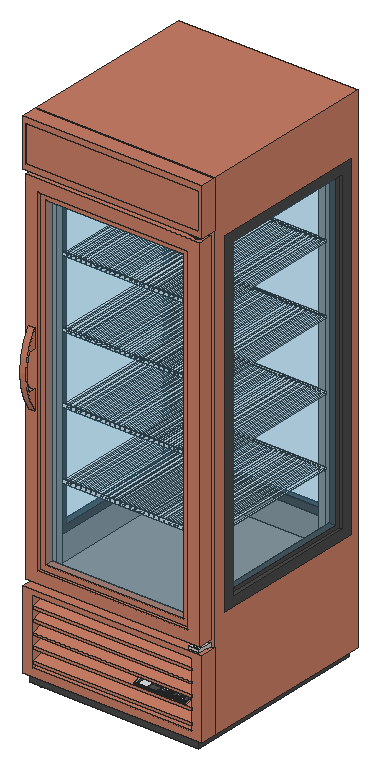
Revit family "QF_TRUE_G4SM-23-HC~TSL01", category Specialty Equipment, Revit 2016 (continued)
Definition of nested family "G4SM-23-HC-TSL01"
  Forms (in)
    Extrusion 36, solid
      sketch origin (26.1875, -18.56567, 48.20177) x (1, 0, 0) y (0, 0, -1)
        loop
          circle (-10.18288, 0.375) r 0.125
        loop
          circle (-9.43288, 0.375) r 0.125
        loop
          circle (-8.68288, 0.375) r 0.125
        loop
          circle (-7.93288, 0.375) r 0.125
        loop
          circle (-7.18288, 0.375) r 0.125
        loop
          circle (-6.43288, 0.375) r 0.125
        loop
          circle (-5.68288, 0.375) r 0.125
        loop
          circle (-4.93288, 0.375) r 0.125
        loop
          circle (-4.18288, 0.375) r 0.125
        loop
          circle (-3.43288, 0.375) r 0.125
        loop
          circle (-2.68288, 0.375) r 0.125
        loop
          circle (-1.93288, 0.375) r 0.125
        loop
          circle (-23.75, 0.375) r 0.125
        loop
          circle (-1.13424, 0.375) r 0.125
      from 0 to 21.9751
    Extrusion 37, solid
      sketch origin (26.1875, -18.69067, 58.67157) x (-1, 0, 0) y (0, 0, -1)
        loop
          line (23.875, 0.5) -> (1.00924, 0.5) -> (1.00924, 0) -> (23.875, 0) -> (23.875, 0.5)
        loop
          line (12.71602, 0.14812) -> (12.71602, 0.35188) -> (12.15898, 0.35188) -> (12.15898, 0.14812) -> (12.71602, 0.14812)
        loop
          line (13.46602, 0.14812) -> (13.46602, 0.35188) -> (12.90898, 0.35188) -> (12.90898, 0.14812) -> (13.46602, 0.14812)
        loop
          line (14.21602, 0.14812) -> (14.21602, 0.35188) -> (13.65898, 0.35188) -> (13.65898, 0.14812) -> (14.21602, 0.14812)
        loop
          line (14.96602, 0.14812) -> (14.96602, 0.35188) -> (14.40898, 0.35188) -> (14.40898, 0.14812) -> (14.96602, 0.14812)
        loop
          line (15.71602, 0.14812) -> (15.71602, 0.35188) -> (15.15898, 0.35188) -> (15.15898, 0.14812) -> (15.71602, 0.14812)
        loop
          line (16.46602, 0.14812) -> (16.46602, 0.35188) -> (15.90898, 0.35188) -> (15.90898, 0.14812) -> (16.46602, 0.14812)
        loop
          line (17.21602, 0.14812) -> (17.21602, 0.35188) -> (16.65898, 0.35188) -> (16.65898, 0.14812) -> (17.21602, 0.14812)
        loop
          line (17.96602, 0.14812) -> (17.96602, 0.35188) -> (17.40898, 0.35188) -> (17.40898, 0.14812) -> (17.96602, 0.14812)
        loop
          line (18.71602, 0.14812) -> (18.71602, 0.35188) -> (18.15898, 0.35188) -> (18.15898, 0.14812) -> (18.71602, 0.14812)
        loop
          line (19.46602, 0.14812) -> (19.46602, 0.35188) -> (18.90898, 0.35188) -> (18.90898, 0.14812) -> (19.46602, 0.14812)
        loop
          line (20.21602, 0.14812) -> (20.21602, 0.35188) -> (19.65898, 0.35188) -> (19.65898, 0.14812) -> (20.21602, 0.14812)
        loop
          line (20.96602, 0.14812) -> (20.96602, 0.35188) -> (20.40898, 0.35188) -> (20.40898, 0.14812) -> (20.96602, 0.14812)
        loop
          line (21.71602, 0.14812) -> (21.71602, 0.35188) -> (21.15898, 0.35188) -> (21.15898, 0.14812) -> (21.71602, 0.14812)
        loop
          line (22.46602, 0.14812) -> (22.46602, 0.35188) -> (21.90898, 0.35188) -> (21.90898, 0.14812) -> (22.46602, 0.14812)
        loop
          line (23.21602, 0.14812) -> (23.21602, 0.35188) -> (22.65898, 0.35188) -> (22.65898, 0.14812) -> (23.21602, 0.14812)
        loop
          line (11.40898, 0.14812) -> (11.96602, 0.14812) -> (11.96602, 0.35188) -> (11.40898, 0.35188) -> (11.40898, 0.14812)
        loop
          line (10.65898, 0.14812) -> (11.21602, 0.14812) -> (11.21602, 0.35188) -> (10.65898, 0.35188) -> (10.65898, 0.14812)
        loop
          line (9.90898, 0.14812) -> (10.46602, 0.14812) -> (10.46602, 0.35188) -> (9.90898, 0.35188) -> (9.90898, 0.14812)
        loop
          line (9.15898, 0.14812) -> (9.71602, 0.14812) -> (9.71602, 0.35188) -> (9.15898, 0.35188) -> (9.15898, 0.14812)
        loop
          line (8.40898, 0.14812) -> (8.96602, 0.14812) -> (8.96602, 0.35188) -> (8.40898, 0.35188) -> (8.40898, 0.14812)
        loop
          line (7.65898, 0.14812) -> (8.21602, 0.14812) -> (8.21602, 0.35188) -> (7.65898, 0.35188) -> (7.65898, 0.14812)
        loop
          line (6.90898, 0.14812) -> (7.46602, 0.14812) -> (7.46602, 0.35188) -> (6.90898, 0.35188) -> (6.90898, 0.14812)
        loop
          line (6.15898, 0.14812) -> (6.71602, 0.14812) -> (6.71602, 0.35188) -> (6.15898, 0.35188) -> (6.15898, 0.14812)
        loop
          line (5.40898, 0.14812) -> (5.96602, 0.14812) -> (5.96602, 0.35188) -> (5.40898, 0.35188) -> (5.40898, 0.14812)
        loop
          line (4.65898, 0.14812) -> (5.21602, 0.14812) -> (5.21602, 0.35188) -> (4.65898, 0.35188) -> (4.65898, 0.14812)
        loop
          line (3.90898, 0.14812) -> (4.46602, 0.14812) -> (4.46602, 0.35188) -> (3.90898, 0.35188) -> (3.90898, 0.14812)
        loop
          line (3.15898, 0.14812) -> (3.71602, 0.14812) -> (3.71602, 0.35188) -> (3.15898, 0.35188) -> (3.15898, 0.14812)
        loop
          line (2.40898, 0.14812) -> (2.96602, 0.14812) -> (2.96602, 0.35188) -> (2.40898, 0.35188) -> (2.40898, 0.14812)
        loop
          line (1.65898, 0.14812) -> (2.21602, 0.14812) -> (2.21602, 0.35188) -> (1.65898, 0.35188) -> (1.65898, 0.14812)
      from 0 to -0.125
    Extrusion 38, solid
      sketch origin (26.1875, 3.53443, 58.67157) x (-1, 0, 0) y (0, 0, 1)
        loop
          line (23.875, -0.5) -> (23.875, 0) -> (1.00924, 0) -> (1.00924, -0.5) -> (23.875, -0.5)
        loop
          line (12.71602, -0.14812) -> (12.15898, -0.14812) -> (12.15898, -0.35188) -> (12.71602, -0.35188) -> (12.71602, -0.14812)
        loop
          line (13.46602, -0.14812) -> (12.90898, -0.14812) -> (12.90898, -0.35188) -> (13.46602, -0.35188) -> (13.46602, -0.14812)
        loop
          line (14.21602, -0.14812) -> (13.65898, -0.14812) -> (13.65898, -0.35188) -> (14.21602, -0.35188) -> (14.21602, -0.14812)
        loop
          line (14.96602, -0.14812) -> (14.40898, -0.14812) -> (14.40898, -0.35188) -> (14.96602, -0.35188) -> (14.96602, -0.14812)
        loop
          line (15.71602, -0.14812) -> (15.15898, -0.14812) -> (15.15898, -0.35188) -> (15.71602, -0.35188) -> (15.71602, -0.14812)
        loop
          line (16.46602, -0.14812) -> (15.90898, -0.14812) -> (15.90898, -0.35188) -> (16.46602, -0.35188) -> (16.46602, -0.14812)
        loop
          line (17.21602, -0.14812) -> (16.65898, -0.14812) -> (16.65898, -0.35188) -> (17.21602, -0.35188) -> (17.21602, -0.14812)
        loop
          line (17.96602, -0.14812) -> (17.40898, -0.14812) -> (17.40898, -0.35188) -> (17.96602, -0.35188) -> (17.96602, -0.14812)
        loop
          line (18.71602, -0.14812) -> (18.15898, -0.14812) -> (18.15898, -0.35188) -> (18.71602, -0.35188) -> (18.71602, -0.14812)
        loop
          line (19.46602, -0.14812) -> (18.90898, -0.14812) -> (18.90898, -0.35188) -> (19.46602, -0.35188) -> (19.46602, -0.14812)
        loop
          line (20.21602, -0.14812) -> (19.65898, -0.14812) -> (19.65898, -0.35188) -> (20.21602, -0.35188) -> (20.21602, -0.14812)
        loop
          line (20.96602, -0.14812) -> (20.40898, -0.14812) -> (20.40898, -0.35188) -> (20.96602, -0.35188) -> (20.96602, -0.14812)
        loop
          line (21.71602, -0.14812) -> (21.15898, -0.14812) -> (21.15898, -0.35188) -> (21.71602, -0.35188) -> (21.71602, -0.14812)
        loop
          line (22.46602, -0.14812) -> (21.90898, -0.14812) -> (21.90898, -0.35188) -> (22.46602, -0.35188) -> (22.46602, -0.14812)
        loop
          line (23.21602, -0.14812) -> (22.65898, -0.14812) -> (22.65898, -0.35188) -> (23.21602, -0.35188) -> (23.21602, -0.14812)
        loop
          line (11.40898, -0.14812) -> (11.40898, -0.35188) -> (11.96602, -0.35188) -> (11.96602, -0.14812) -> (11.40898, -0.14812)
        loop
          line (10.65898, -0.14812) -> (10.65898, -0.35188) -> (11.21602, -0.35188) -> (11.21602, -0.14812) -> (10.65898, -0.14812)
        loop
          line (9.90898, -0.14812) -> (9.90898, -0.35188) -> (10.46602, -0.35188) -> (10.46602, -0.14812) -> (9.90898, -0.14812)
        loop
          line (9.15898, -0.14812) -> (9.15898, -0.35188) -> (9.71602, -0.35188) -> (9.71602, -0.14812) -> (9.15898, -0.14812)
        loop
          line (8.40898, -0.14812) -> (8.40898, -0.35188) -> (8.96602, -0.35188) -> (8.96602, -0.14812) -> (8.40898, -0.14812)
        loop
          line (7.65898, -0.14812) -> (7.65898, -0.35188) -> (8.21602, -0.35188) -> (8.21602, -0.14812) -> (7.65898, -0.14812)
        loop
          line (6.90898, -0.14812) -> (6.90898, -0.35188) -> (7.46602, -0.35188) -> (7.46602, -0.14812) -> (6.90898, -0.14812)
        loop
          line (6.15898, -0.14812) -> (6.15898, -0.35188) -> (6.71602, -0.35188) -> (6.71602, -0.14812) -> (6.15898, -0.14812)
        loop
          line (5.40898, -0.14812) -> (5.40898, -0.35188) -> (5.96602, -0.35188) -> (5.96602, -0.14812) -> (5.40898, -0.14812)
        loop
          line (4.65898, -0.14812) -> (4.65898, -0.35188) -> (5.21602, -0.35188) -> (5.21602, -0.14812) -> (4.65898, -0.14812)
        loop
          line (3.90898, -0.14812) -> (3.90898, -0.35188) -> (4.46602, -0.35188) -> (4.46602, -0.14812) -> (3.90898, -0.14812)
        loop
          line (3.15898, -0.14812) -> (3.15898, -0.35188) -> (3.71602, -0.35188) -> (3.71602, -0.14812) -> (3.15898, -0.14812)
        loop
          line (2.40898, -0.14812) -> (2.40898, -0.35188) -> (2.96602, -0.35188) -> (2.96602, -0.14812) -> (2.40898, -0.14812)
        loop
          line (1.65898, -0.14812) -> (1.65898, -0.35188) -> (2.21602, -0.35188) -> (2.21602, -0.14812) -> (1.65898, -0.14812)
      from 0 to -0.125
    Extrusion 39, solid
      sketch origin (26.1875, -18.56567, 58.67157) x (1, 0, 0) y (0, 0, -1)
        loop
          circle (-12.44212, 0.375) r 0.125
        loop
          circle (-13.19212, 0.375) r 0.125
        loop
          circle (-13.94212, 0.375) r 0.125
        loop
          circle (-14.69212, 0.375) r 0.125
        loop
          circle (-15.44212, 0.375) r 0.125
        loop
          circle (-16.19212, 0.375) r 0.125
        loop
          circle (-16.94212, 0.375) r 0.125
        loop
          circle (-17.69212, 0.375) r 0.125
        loop
          circle (-18.44212, 0.375) r 0.125
        loop
          circle (-19.19212, 0.375) r 0.125
        loop
          circle (-19.94212, 0.375) r 0.125
        loop
          circle (-20.69212, 0.375) r 0.125
        loop
          circle (-21.44212, 0.375) r 0.125
        loop
          circle (-22.19212, 0.375) r 0.125
        loop
          circle (-22.94212, 0.375) r 0.125
        loop
          circle (-11.68288, 0.375) r 0.125
        loop
          circle (-10.93288, 0.375) r 0.125
        loop
          circle (-10.18288, 0.375) r 0.125
        loop
          circle (-9.43288, 0.375) r 0.125
        loop
          circle (-8.68288, 0.375) r 0.125
        loop
          circle (-7.93288, 0.375) r 0.125
        loop
          circle (-7.18288, 0.375) r 0.125
        loop
          circle (-6.43288, 0.375) r 0.125
        loop
          circle (-5.68288, 0.375) r 0.125
        loop
          circle (-4.93288, 0.375) r 0.125
        loop
          circle (-4.18288, 0.375) r 0.125
        loop
          circle (-3.43288, 0.375) r 0.125
        loop
          circle (-2.68288, 0.375) r 0.125
        loop
          circle (-1.93288, 0.375) r 0.125
        loop
          circle (-23.75, 0.375) r 0.125
        loop
          circle (-1.13424, 0.375) r 0.125
      from 0 to 21.9751
    Extrusion 40, solid, material <- "Materials and Finishes"
      sketch origin (-25.125, 10.53125, -0.71875) x (1, 0, 0) y (0, 0, 1)
        loop
          line (25.5, 71.38048) -> (25.5, 15.53125) -> (52.25, 15.53125) -> (52.25, 71.38048) -> (25.5, 71.38048)
        loop
          line (27.25, 69.63048) -> (27.25, 17.28125) -> (50.5, 17.28125) -> (50.5, 69.63048) -> (27.25, 69.63048)
      from 31.641 to 33.75
  Cuts and joins
    Extrusion 3 cuts Extrusion 1
    joined: Extrusion 1, Extrusion 8
  Lines and regions (in)
    sketch lines
      curve 1: line (1.3125, -18.03125, 18.91173) -> (1.3125, 4.25, 18.91173)
      curve 2: line (1.3125, 4.25, 68.91173) -> (1.3125, -18.03125, 68.91173)
      curve 3: line (1.3125, -18.03125, 68.91173) -> (1.3125, -18.03125, 18.91173)
      curve 4: line (1.3125, 4.25, 18.91173) -> (1.3125, 4.25, 68.91173)
      curve 5: line (23.6875, 5.46875, 18.91173) -> (3.8125, 5.46875, 18.91173)
      curve 6: line (3.8125, 5.46875, 18.91173) -> (3.8125, 5.46875, 68.91173)
      curve 7: line (3.8125, 5.46875, 68.91173) -> (23.6875, 5.46875, 68.91173)
      curve 8: line (23.6875, 5.46875, 68.91173) -> (23.6875, 5.46875, 18.91173)
      curve 18: line (26.1875, -18.03125, 18.91173) -> (26.1875, 4.25, 18.91173)
      curve 19: line (26.1875, 4.25, 68.91173) -> (26.1875, -18.03125, 68.91173)
      curve 20: line (26.1875, -18.03125, 68.91173) -> (26.1875, -18.03125, 18.91173)
      curve 21: line (26.1875, 4.25, 18.91173) -> (26.1875, 4.25, 68.91173)
    symbolic lines
      curve 9: line (0, 6.78125, 0) -> (27.625, 6.78125, 0)
      curve 10: line (27.5, -23.34375, 0) -> (0, -23.34375, 0)
      curve 11: line (0, -23.34375, 0) -> (0, 6.78125, 0)
      curve 12: line (27.5, -20.84375, 0) -> (0, -20.84375, 0)
      curve 13: line (2.8125, 6.78125, 0) -> (2.8125, 6.90625, 0)
      curve 14: line (2.8125, 6.90625, 0) -> (24.6875, 6.90625, 0)
      curve 15: line (0, -19.03125, 0) -> (-0.125, -19.03125, 0)
      curve 16: line (-0.125, -19.03125, 0) -> (-0.125, 5.25, 0)
      curve 17: line (-0.125, 5.25, 0) -> (0, 5.25, 0)
      curve 22: line (27.5, 6.78125, 0) -> (27.5, -23.34375, 0)
      curve 23: line (24.6875, 6.90625, 0) -> (24.6875, 6.78125, 0)
      curve 24: line (27.5, 5.25, 0) -> (27.625, 5.25, 0)
      curve 25: line (27.625, 6.78125, 0) -> (27.625, -19.03125, 0)
      curve 26: line (27.625, -19.03125, 0) -> (27.5, -19.03125, 0)
      curve 27: line (0.82942, -24.96875, 0) -> (0.82942, -23.34375, 0)
      curve 28: line (0.82942, -24.96875, 0) -> (1.67618, -24.96875, 0)
      curve 29: line (1.67618, -24.96875, 0) -> (1.67618, -23.34375, 0)
      curve 30: line (27.125, -23.34375, 0) -> (4.89147, -36.18029, 0)
      curve 31: arc (0.38583, -23.34375, 0) -> (1.82825, -30.04647, 0) -> (4.89147, -36.18029, 0) r 27.36556
  Dimensions and locks (in)
    plane 5 "FRONT" to plane 1 "BACK" = 31 3/4"  (x2)
    plane 3 "LEFT" to plane 4 "RIGHT" = 27 1/2"
    plane 6 "Top" to level = 78 5/8"  (x3)
    plane 4 "RIGHT" to plane 3 "LEFT" = 27 1/2"  (x2)
    plane 2 to plane 6 "Top" = 78 5/8"
    plane 1 "BACK" to plane 8 = 30 1/8"
    plane 8 to plane 1 "BACK" = 30 1/8"  (x2)
    plane 1 "BACK" to plane 5 "FRONT" = 31 3/4"
    equal spacing: plane 8, plane 10, plane 1 "BACK"
    plane 11 to plane 12 = 52.34923"
    plane 13 to plane 12 = 10.4698"
    plane 8 to plane 28 = 25"
    plane 28 to plane 1 "BACK" = 55 1/8"
    equal spacing: Extrusion 13, Extrusion 12 sketch curve, Extrusion 13
    aligned and locked: level to plane 2
    aligned: Extrusion 2 to level
    aligned: Extrusion 17 sketch curve to Extrusion 16
    aligned: Extrusion 17 sketch curve to Extrusion 18
    aligned and locked: Extrusion 17 sketch curve to Extrusion 18
    aligned and locked: Extrusion 18 to Extrusion 17 sketch curve
  Nested families (in)
    nested 1: "QF_LOGO_TRUE" at (16.9, -23.10883, 6.1093), Show Logo <- "Show Logo", type "QF_LOGO_TRUE", detail levels medium+fine
      with Show Logo yes
  Definition of nested family "QF_LOGO_TRUE"
    Parameters (values of type "QF_LOGO_TRUE")
      Show Logo [instance] = yes
    Reference planes (in)
      plane 1 "Center (Front/Back)": y = 0
      plane 2: z = 0
      plane 3 "Center (Left/Right)": x = 0
    Forms (in)
      Extrusion 1, solid, visible <- "Show Logo"
        sketch origin (-78.34647, -17.21831, -42.9334) x (1, 0, 0) y (0, 0.943141, 0.332392)
          loop
            line (81.15226, 31.65456) -> (81.07353, 31.48573) -> (82.12083, 31.48573)
            arc (82.12083, 31.48573) -> (82.14208, 31.44814) -> (82.12083, 31.41055) r 0.04386
            line (82.12083, 31.41055) -> (81.84767, 30.82478)
            arc (81.84767, 30.82478) -> (81.84531, 30.77052) -> (81.882, 30.73048) r 0.07096
            line (81.882, 30.73048) -> (82.55165, 30.73048)
            arc (82.55165, 30.73048) -> (82.63621, 30.75714) -> (82.69019, 30.82748) r 0.14742
            line (82.69019, 30.82748) -> (82.90515, 31.28847) -> (83.10265, 31.28847)
            arc (83.10265, 31.28847) -> (83.15447, 31.26942) -> (83.14697, 31.21472) r 0.04405
            line (83.14697, 31.21472) -> (82.9671, 30.82899)
            arc (82.9671, 30.82899) -> (82.9699, 30.76493) -> (83.02398, 30.73048) r 0.06943
            line (83.02398, 30.73048) -> (83.6124, 30.73048)
            arc (83.6124, 30.73048) -> (83.65748, 30.74689) -> (83.68147, 30.78844) r 0.07014
            arc (83.68147, 30.78844) -> (83.69845, 30.74745) -> (83.73943, 30.73048) r 0.05796
            line (83.73943, 30.73048) -> (84.112, 30.73048)
            arc (84.112, 30.73048) -> (84.15504, 30.74201) -> (84.18655, 30.77352) r 0.08608
            arc (84.18655, 30.77352) -> (84.20164, 30.7371) -> (84.23806, 30.72202) r 0.0515
            line (84.23806, 30.72202) -> (84.76757, 30.72202)
            arc (84.76757, 30.72202) -> (84.81086, 30.73995) -> (84.8288, 30.78324) r 0.06122
            arc (84.8288, 30.78324) -> (84.86848, 30.74355) -> (84.92269, 30.72903) r 0.10842
            line (84.92269, 30.72903) -> (85.91461, 30.72903) -> (86.02479, 30.91987) -> (85.0243, 30.91987)
            arc (85.0243, 30.91987) -> (84.99669, 30.93902) -> (84.99566, 30.97261) r 0.03732
            line (84.99566, 30.97261) -> (85.01297, 31.00972)
            arc (85.01297, 31.00972) -> (85.03954, 31.04453) -> (85.0813, 31.05774) r 0.07263
            line (85.0813, 31.05774) -> (85.40289, 31.05774)
            arc (85.40289, 31.05774) -> (85.4723, 31.07633) -> (85.52311, 31.12715) r 0.13882
            line (85.52311, 31.12715) -> (85.61625, 31.28847)
            arc (85.61625, 31.28847) -> (85.61625, 31.37458) -> (85.54168, 31.41763) r 0.08611
            line (85.54168, 31.41763) -> (85.20227, 31.41763)
            arc (85.20227, 31.41763) -> (85.11574, 31.40294) -> (85.05538, 31.33923) r 0.13863
            line (85.05538, 31.33923) -> (84.89409, 30.99333)
            arc (84.89409, 30.99333) -> (84.84649, 30.9313) -> (84.77191, 30.90778) r 0.13002
            line (84.77191, 30.90778) -> (84.41984, 30.90778)
            arc (84.41984, 30.90778) -> (84.3777, 30.95378) -> (84.38042, 31.0161) r 0.08151
            line (84.38042, 31.0161) -> (84.56766, 31.41763) -> (84.44849, 31.41763) -> (84.25012, 30.99222)
            arc (84.25012, 30.99222) -> (84.21158, 30.94199) -> (84.15119, 30.92296) r 0.10527
            line (84.15119, 30.92296) -> (83.90842, 30.92296)
            arc (83.90842, 30.92296) -> (83.8674, 30.97642) -> (83.87619, 31.04323) r 0.08805
            line (83.87619, 31.04323) -> (84.05078, 31.41763) -> (83.92772, 31.41763) -> (83.72676, 30.98668)
            arc (83.72676, 30.98668) -> (83.68011, 30.94003) -> (83.61639, 30.92296) r 0.12745
            line (83.61639, 30.92296) -> (83.26484, 30.92296)
            arc (83.26484, 30.92296) -> (83.2017, 30.9524) -> (83.19563, 31.0218) r 0.06967
            line (83.19563, 31.0218) -> (83.31118, 31.26961) -> (83.47452, 31.26961)
            arc (83.47452, 31.26961) -> (83.50209, 31.35268) -> (83.56075, 31.41763) r 0.21289
            line (83.56075, 31.41763) -> (82.92244, 31.41763)
            arc (82.92244, 31.41763) -> (82.85151, 31.40191) -> (82.80242, 31.34834) r 0.12081
            line (82.80242, 31.34834) -> (82.6294, 30.9773)
            arc (82.6294, 30.9773) -> (82.58962, 30.93752) -> (82.53528, 30.92296) r 0.10869
            line (82.53528, 30.92296) -> (82.1542, 30.92296)
            arc (82.1542, 30.92296) -> (82.12446, 30.96315) -> (82.13012, 31.01283) r 0.06822
            line (82.13012, 31.01283) -> (82.38156, 31.48573) -> (83.01596, 31.48573) -> (83.09469, 31.65456) -> (82.46029, 31.65456) -> (82.53902, 31.8234) -> (82.31334, 31.8234) -> (82.23461, 31.65456) -> (81.15226, 31.65456)
          loop
            arc (85.15937, 31.26434) -> (85.13191, 31.25698) -> (85.1118, 31.23688) r 0.05494
            line (85.1118, 31.23688) -> (85.09547, 31.18665)
            arc (85.09547, 31.18665) -> (85.10304, 31.16837) -> (85.12133, 31.16079) r 0.02586
            line (85.12133, 31.16079) -> (85.39889, 31.16079)
            arc (85.39889, 31.16079) -> (85.41888, 31.16523) -> (85.43513, 31.1777) r 0.04731
            line (85.43513, 31.1777) -> (85.44863, 31.2402)
            arc (85.44863, 31.2402) -> (85.44466, 31.25693) -> (85.42914, 31.26434) r 0.01994
            line (85.42914, 31.26434) -> (85.15937, 31.26434)
          loop
            line (78.62961, 30.74125) -> (80.12032, 30.74125) -> (80.73891, 31.81268) -> (79.2482, 31.81268) -> (78.62961, 30.74125)
        from 34.76797 to 34.83173
      Extrusion 2, solid, visible <- "Show Logo"
        sketch origin (-142.84857, -19.90714, -43.86197) x (1, 0, 0) y (0, 0.943141, 0.332392)
          loop
            line (150.81107, 34.71978) -> (142.98607, 34.71978) -> (142.98607, 33.4921) -> (150.81107, 33.4921) -> (150.81107, 34.71978)
        from 34.75108 to 34.78125
      Extrusion 3, solid, visible <- "Show Logo"
        sketch origin (-142.84857, -19.90714, -43.86197) x (1, 0, 0) y (0, 0.943141, 0.332392)
          loop
            line (150.94857, 34.85727) -> (142.84857, 34.85727) -> (142.84857, 33.3546) -> (150.94857, 33.3546) -> (150.94857, 34.85727)
          loop
            line (142.98607, 34.71978) -> (142.98607, 33.4921) -> (150.81107, 33.4921) -> (150.81107, 34.71978) -> (142.98607, 34.71978)
        from 34.75108 to 34.81376
      Extrusion 4, solid, not visible
        sketch origin (121.45701, -16.5, 4.98235) x (1, 0, 0) y (0, 0, 1)
          loop
            line (25.20115, 35.89949) -> (25.20115, 33.96647) -> (30.95381, 33.96647) -> (30.95381, 35.89949) -> (25.20115, 35.89949)
        from 31.5 to 31.54261
      Extrusion 5, solid, not visible
        sketch origin (121.45701, -16.5, 4.98235) x (1, 0, 0) y (0, 0, 1)
          loop
            line (26.7387, 34.95472) -> (26.61492, 34.49276) -> (27.038, 34.49276)
            arc (27.038, 34.49276) -> (27.13117, 34.52484) -> (27.18485, 34.60749) r 0.15134
            arc (27.18485, 34.60749) -> (27.20396, 34.68138) -> (27.22435, 34.75493) r 4.37326
            arc (27.22435, 34.75493) -> (27.23458, 34.81765) -> (27.22435, 34.88037) r 0.1974
            arc (27.22435, 34.88037) -> (27.18247, 34.93579) -> (27.11563, 34.95472) r 0.10914
            line (27.11563, 34.95472) -> (26.7387, 34.95472)
          loop
            line (26.90201, 34.80638) -> (26.84645, 34.59903) -> (26.92855, 34.59903)
            arc (26.92855, 34.59903) -> (26.98205, 34.6185) -> (27.01051, 34.6678) r 0.08322
            line (27.01051, 34.6678) -> (27.02399, 34.74424)
            arc (27.02399, 34.74424) -> (27.01491, 34.78454) -> (26.97985, 34.80638) r 0.05353
            line (26.97985, 34.80638) -> (26.90201, 34.80638)
          loop
            line (27.45336, 34.66131) -> (27.76233, 34.66131) -> (27.78859, 34.73909)
            arc (27.78859, 34.73909) -> (27.7878, 34.82039) -> (27.73107, 34.87864) r 0.10925
            arc (27.73107, 34.87864) -> (27.68233, 34.8944) -> (27.63139, 34.89974) r 0.24595
            line (27.63139, 34.89974) -> (27.46708, 34.89974)
            arc (27.46708, 34.89974) -> (27.4068, 34.88073) -> (27.3535, 34.84677) r 0.2421
            arc (27.3535, 34.84677) -> (27.2897, 34.76363) -> (27.26702, 34.66131) r 0.2421
            line (27.26702, 34.66131) -> (27.26702, 34.54477)
            arc (27.26702, 34.54477) -> (27.31618, 34.4956) -> (27.38334, 34.47761) r 0.13431
            line (27.38334, 34.47761) -> (27.59054, 34.47761)
            arc (27.59054, 34.47761) -> (27.63459, 34.48281) -> (27.67622, 34.49812) r 0.18924
            line (27.67622, 34.49812) -> (27.73102, 34.61563)
            arc (27.73102, 34.61563) -> (27.68453, 34.59565) -> (27.63566, 34.58252) r 0.35376
            arc (27.63566, 34.58252) -> (27.55885, 34.56956) -> (27.48204, 34.58252) r 0.23415
            arc (27.48204, 34.58252) -> (27.44492, 34.61362) -> (27.45336, 34.66131) r 0.04838
          loop
            line (27.4842, 34.73042) -> (27.62012, 34.73042) -> (27.62621, 34.76496)
            arc (27.62621, 34.76496) -> (27.58961, 34.80242) -> (27.53739, 34.80638) r 0.0742
            arc (27.53739, 34.80638) -> (27.49747, 34.77773) -> (27.4842, 34.73042) r 0.0742
          loop
            line (27.91616, 34.97572) -> (27.78675, 34.49276) -> (27.98645, 34.49276) -> (28.11586, 34.97572) -> (27.91616, 34.97572)
          loop
            line (28.13678, 34.66131) -> (28.08755, 34.47761) -> (28.27134, 34.47761) -> (28.32056, 34.66131) -> (28.43674, 34.66131) -> (28.47974, 34.78864) -> (28.36519, 34.78864)
            arc (28.36519, 34.78864) -> (28.35733, 34.81649) -> (28.36921, 34.84288) r 0.04231
            arc (28.36921, 34.84288) -> (28.431, 34.8652) -> (28.49617, 34.85686) r 0.13988
            line (28.49617, 34.85686) -> (28.53544, 34.97317)
            arc (28.53544, 34.97317) -> (28.39725, 34.99096) -> (28.25905, 34.97317) r 0.54546
            arc (28.25905, 34.97317) -> (28.20849, 34.91994) -> (28.18197, 34.85147) r 0.1894
            line (28.18197, 34.85147) -> (28.17089, 34.78864) -> (28.11397, 34.78864) -> (28.07985, 34.66131) -> (28.13678, 34.66131)
          loop
            arc (28.74846, 34.89756) -> (28.65884, 34.88533) -> (28.56922, 34.89756) r 0.33455
            line (28.56922, 34.89756) -> (28.45669, 34.47761) -> (28.63593, 34.47761) -> (28.74846, 34.89756)
          loop
            arc (28.60398, 35.01195) -> (28.57699, 34.97173) -> (28.60398, 34.9315) r 0.04347
            line (28.60398, 34.9315) -> (28.75755, 34.9315)
            arc (28.75755, 34.9315) -> (28.78645, 34.96687) -> (28.77911, 35.01195) r 0.0556
            line (28.77911, 35.01195) -> (28.60398, 35.01195)
          loop
            line (28.95336, 34.66131) -> (29.26233, 34.66131) -> (29.28859, 34.73909)
            arc (29.28859, 34.73909) -> (29.2878, 34.82039) -> (29.23107, 34.87864) r 0.10925
            arc (29.23107, 34.87864) -> (29.18233, 34.8944) -> (29.13139, 34.89974) r 0.24595
            line (29.13139, 34.89974) -> (28.96708, 34.89974)
            arc (28.96708, 34.89974) -> (28.9068, 34.88073) -> (28.8535, 34.84677) r 0.2421
            arc (28.8535, 34.84677) -> (28.7897, 34.76363) -> (28.76702, 34.66131) r 0.2421
            line (28.76702, 34.66131) -> (28.76702, 34.54477)
            arc (28.76702, 34.54477) -> (28.81618, 34.4956) -> (28.88334, 34.47761) r 0.13431
            line (28.88334, 34.47761) -> (29.09054, 34.47761)
            arc (29.09054, 34.47761) -> (29.13459, 34.48281) -> (29.17622, 34.49812) r 0.18924
            line (29.17622, 34.49812) -> (29.23102, 34.61563)
            arc (29.23102, 34.61563) -> (29.18453, 34.59565) -> (29.13566, 34.58252) r 0.35376
            arc (29.13566, 34.58252) -> (29.05885, 34.56956) -> (28.98204, 34.58252) r 0.23415
            arc (28.98204, 34.58252) -> (28.94492, 34.61362) -> (28.95336, 34.66131) r 0.04838
          loop
            line (28.9842, 34.73042) -> (29.12012, 34.73042) -> (29.12621, 34.76496)
            arc (29.12621, 34.76496) -> (29.08961, 34.80242) -> (29.03739, 34.80638) r 0.0742
            arc (29.03739, 34.80638) -> (28.99747, 34.77773) -> (28.9842, 34.73042) r 0.0742
          loop
            line (29.41616, 34.97572) -> (29.28675, 34.49276) -> (29.48645, 34.49276) -> (29.61586, 34.97572) -> (29.41616, 34.97572)
          loop
            line (29.99836, 34.97572) -> (29.95192, 34.80242)
            arc (29.95192, 34.80242) -> (29.94473, 34.85705) -> (29.90102, 34.89059) r 0.07199
            arc (29.90102, 34.89059) -> (29.80023, 34.89941) -> (29.70251, 34.87322) r 0.29131
            arc (29.70251, 34.87322) -> (29.61806, 34.7652) -> (29.5896, 34.63108) r 0.30433
            line (29.5896, 34.63108) -> (29.5896, 34.55572)
            arc (29.5896, 34.55572) -> (29.61075, 34.50463) -> (29.66184, 34.48348) r 0.07224
            line (29.66184, 34.48348) -> (29.78537, 34.48348)
            arc (29.78537, 34.48348) -> (29.83854, 34.51313) -> (29.88504, 34.55243) r 0.31609
            line (29.88504, 34.55243) -> (29.86905, 34.49276) -> (30.05973, 34.49276) -> (30.18914, 34.97572) -> (29.99836, 34.97572)
          loop
            arc (29.84537, 34.75931) -> (29.79424, 34.71128) -> (29.77745, 34.64317) r 0.12371
            arc (29.77745, 34.64317) -> (29.80071, 34.59901) -> (29.85056, 34.59647) r 0.05045
            arc (29.85056, 34.59647) -> (29.90141, 34.64047) -> (29.92536, 34.7033) r 0.13769
            arc (29.92536, 34.7033) -> (29.90211, 34.75521) -> (29.84537, 34.75931) r 0.05543
          loop
            line (26.45047, 35.26762) -> (26.58211, 35.26762)
            arc (26.58211, 35.26762) -> (26.60467, 35.30821) -> (26.62126, 35.35157) r 0.3277
            arc (26.62126, 35.35157) -> (26.62714, 35.39992) -> (26.60877, 35.44503) r 0.09693
            arc (26.60877, 35.44503) -> (26.56454, 35.48868) -> (26.50462, 35.50516) r 0.12312
            arc (26.50462, 35.50516) -> (26.44158, 35.50565) -> (26.37854, 35.50546) r 5.76967
            arc (26.37854, 35.50546) -> (26.07462, 35.42923) -> (25.81045, 35.26076) r 0.97743
            line (25.81045, 35.26076) -> (25.85921, 35.26076)
            arc (25.85921, 35.26076) -> (26.08494, 35.39361) -> (26.3396, 35.45485) r 0.88817
            arc (26.3396, 35.45485) -> (26.41429, 35.44188) -> (26.47267, 35.39352) r 0.14748
            arc (26.47267, 35.39352) -> (26.48041, 35.32725) -> (26.45047, 35.26762) r 0.11636
          loop
            arc (26.35412, 35.17841) -> (26.19578, 35.0555) -> (26.00982, 34.98069) r 0.72453
            arc (26.00982, 34.98069) -> (25.9036, 34.95581) -> (25.79459, 34.9604) r 0.40201
            arc (25.79459, 34.9604) -> (25.7275, 34.98819) -> (25.69972, 35.05528) r 0.09488
            arc (25.69972, 35.05528) -> (25.71867, 35.12629) -> (25.77049, 35.17841) r 0.1425
            line (25.77049, 35.17841) -> (25.73665, 35.18748)
            arc (25.73665, 35.18748) -> (25.67632, 35.09876) -> (25.66924, 34.99171) r 0.20432
            arc (25.66924, 34.99171) -> (25.71443, 34.9227) -> (25.79473, 34.90384) r 0.11116
            arc (25.79473, 34.90384) -> (25.91172, 34.89904) -> (26.02716, 34.91862) r 0.56145
            arc (26.02716, 34.91862) -> (26.27675, 35.021) -> (26.49584, 35.17841) r 1.15683
            line (26.49584, 35.17841) -> (26.35412, 35.17841)
        from 31.54261 to 31.56272
    Dimensions and locks (in)
      aligned and locked: level to plane 2
      aligned and locked: Extrusion 2 to Extrusion 3  (x2)
      aligned and locked: Extrusion 2 sketch curve to Extrusion 3
Definition of nested family "CASTER-LEGS"
  Parameters (values of type "CASTER-LEGS")
    Weight = ""
    URL Manufacturer = ""
    URL Cutsheet = ""
    URL = ""
    Type Mark [instance] = ""
    Status [instance] = ""
    Specification by User [instance] = ""
    Specification by Manufacturer = ""
    Show Siesmic Flanged [instance] = yes
    Show 6 Inches Legs [instance] = yes
    Show 4" Casters [instance] = yes
    Show 2.5 Casters [instance] = yes
    Serial Number = ""
    Seismic Rating = ""
    SMACNA No = ""
    Revision Code [instance] = ""
    Omniclass Number and Title = ""
    NAFEM Spec ID Number = ""
    Model = ""
    MasterSpec. = ""
    Manufacturer = ""
    Low Profile [instance] = yes
    Item Number [instance] = ""
    Installed By [instance] = ""
    Identify Quantity as Lot [instance] = yes
    Furnished By [instance] = ""
    Foodservice Equipment Identifier [instance] = yes
    Description = ""
    CSI MasterFormat = ""
    CSI Master Format = ""
    Assembly Code = ""
  Reference planes (in)
    plane 1: z = 0
    plane 2 "RIGHT": x = 0
    plane 3 "FRONT": y = 0
    plane 4 "TOP": z = 6
    plane 5: z = 2.125
    plane 6: z = 2.5
    plane 7: z = 6.25
  Forms (in)
    Revolve 1, solid, visible <- "Show 6 Inches Legs"
      sketch origin (11.12172, 0, 0) x (-1, 0, 0) y (0, 0, -1)
        loop
          line (11.12172, -6) -> (11.12172, 0) -> (10.62172, 0) -> (10.62172, -1.30261) -> (10.37172, -1.30261) -> (10.37172, -6) -> (11.12172, -6)
        axis (11.12172, 0) -> (11.12172, -6)
      angle from 0 to 360
    Extrusion 2, solid, visible <- "Show Siesmic Flanged"
      sketch origin (0, 0, 0) x (1, 0, 0) y (0, 1, 0)
        loop
          circle (-0.00825, 0) r 1
      from 0 to 0.125
    Revolve 3, solid, visible <- "Show Siesmic Flanged"
      sketch origin (11.12172, 0, 0) x (-1, 0, 0) y (0, 0, -1)
        loop
          line (11.12172, -6) -> (11.12172, -0.125) -> (10.62172, -0.125) -> (10.62172, -1.30261) -> (10.37172, -1.30261) -> (10.37172, -6) -> (11.12172, -6)
        axis (11.12172, -0.125) -> (11.12172, -6)
      angle from 0 to 360
  Dimensions and locks (in)
    plane 4 "TOP" to level = 6"  (x2)
    locked: Revolve 1 sketch curve to Revolve 1 sketch curve at 1.30261
    locked: Revolve 1 sketch curve to Revolve 1 sketch curve at 0.75
    plane 6 to plane 1 = 2 1/2"
    plane 5 to plane 1 = 2 1/8"
    plane 7 to plane 1 = 6 1/4"
    locked: Revolve 3 sketch curve to Revolve 3 sketch curve at 0.75
    aligned and locked: level to plane 1
  Nested families (in)
    nested 1: "C4" at (0, 0, 0), Show 4 Inches Casters <- "Show 4" Casters", visible <- "Show 4" Casters", type "C4"
      with Type Mark "", Specification by User "", Show 4 Inches Casters yes, Revision Code "", Item Number "", Installed By "", Identify Quantity as Lot yes, Furnished By "", Foodservice Equipment Identifier yes
    nested 2: "C2.5" at (0, -0.86941, 0), 2.5 Inches Caster <- "Show 2.5 Casters", visible <- "Show 2.5 Casters", type "C2.5"
      with Type Mark "", Status "", Specification by User "", Revision Code "", Item Number "", Installed By "", Identify Quantity as Lot yes, Furnished By "", Foodservice Equipment Identifier yes, 2.5 Inches Caster yes
  Definition of nested family "C4"
    Parameters
      Weight = ""
      URL Manufacturer = ""
      URL Cutsheet = ""
      URL = ""
      Type Mark [instance] = ""
      Specification by User [instance] = ""
      Specification by Manufacturer = ""
      Show 4 Inches Casters [instance] = yes
      Serial Number = ""
      Seismic Rating = ""
      SMACNA No = ""
      Revision Code [instance] = ""
      Omniclass Number and Title = ""
      NAFEM Spec ID Number = ""
      Model = ""
      MasterSpec. = ""
      Manufacturer = ""
      Item Number [instance] = ""
      Installed By [instance] = ""
      Identify Quantity as Lot [instance] = yes
      Furnished By [instance] = ""
      Foodservice Equipment Identifier [instance] = yes
      Description = ""
      CSI MasterFormat = ""
      CSI Master Format = ""
      Assembly Code = ""
    Reference planes (in)
      plane 1: z = 0
      plane 2 "RIGHT": x = 0
      plane 3 "FRONT": y = 0
      plane 4 "TOP": z = 4
    Forms (in)
      Revolve 1, solid, visible <- "Show 4 Inches Casters"
        sketch origin (-1.93794, 0.83816, -1.0041) x (1, 0, 0) y (0, 0, 1)
          loop
            line (0.74055, 2.5041) -> (3.15007, 2.5041) -> (3.15007, 2.5796) -> (3.10007, 2.6296) -> (3.04007, 2.6296) -> (3.04007, 2.74967) -> (2.62438, 2.74967) -> (2.62438, 2.93884) -> (2.48438, 3.01967) -> (2.45908, 3.17597) -> (2.51563, 3.17597) -> (2.51563, 3.41035) -> (2.48438, 3.41035) -> (2.48438, 4.0041) -> (1.375, 4.0041) -> (1.375, 3.41035) -> (1.34375, 3.41035) -> (1.34375, 3.17597) -> (1.4003, 3.17597) -> (1.37557, 3.02318) -> (1.235, 2.94202) -> (1.235, 2.74967) -> (0.85055, 2.74967) -> (0.85055, 2.6296) -> (0.79055, 2.6296) -> (0.74055, 2.5796) -> (0.74055, 2.5041)
          axis (0.74055, 2.5041) -> (3.15007, 2.5041)
        angle from 0 to 360
      Extrusion 2, solid, visible <- "Show 4 Inches Casters"
        sketch origin (-1.93794, 1.80294, -1.7541) x (0, 1, 0) y (0, 0, 1)
          loop
            line (-3.08794, 5.33423) -> (-3.08794, 5.00584) -> (-2.69466, 5.00584)
            arc (-2.69466, 5.00584) -> (-1.57175, 4.94895) -> (-0.46376, 4.75787) r 9.36411
            arc (-0.46376, 4.75787) -> (-0.05889, 4.58436) -> (0.28335, 4.30705) r 1.60049
            line (0.28335, 4.30705) -> (0.34449, 4.39437)
            arc (0.34449, 4.39437) -> (0.12713, 4.6163) -> (-0.1239, 4.79931) r 1.8753
            line (-0.1239, 4.79931) -> (-0.05749, 4.91421)
            arc (-0.05749, 4.91421) -> (-0.33807, 5.05694) -> (-0.64294, 5.13542) r 1.44292
            line (-0.64294, 5.13542) -> (-0.64294, 5.33423) -> (-3.08794, 5.33423)
        from 1.1267 to 2.74918
      Revolve 3, solid, visible <- "Show 4 Inches Casters"
        sketch origin (0, 2.15543, -2.25) x (0, 1, 0) y (0, 0, 1)
          loop
            line (-2.21793, 6.25) -> (-2.21793, 5.83014) -> (-1.05793, 5.83014) -> (-1.05793, 6.25) -> (-2.21793, 6.25)
          axis (-2.21793, 5.83014) -> (-2.21793, 6.25)
        angle from 0 to 360
      Extrusion 4, solid, visible <- "Show 4 Inches Casters"
        sketch origin (-1.93794, 1.80294, -1.7541) x (0, 1, 0) y (0, 0, 1)
          loop
            line (-3.08794, 5.33423) -> (-3.08794, 5.00584) -> (-2.8913, 5.00584)
            arc (-2.8913, 5.00584) -> (-2.09118, 4.14057) -> (-1.45681, 3.14736) r 6.63355
            arc (-1.45681, 3.14736) -> (-0.85703, 2.75969) -> (-0.4561, 3.35069) r 0.5107
            arc (-0.4561, 3.35069) -> (-0.27092, 3.92503) -> (0.24034, 4.24562) r 0.88136
            line (0.24034, 4.24562) -> (0.34449, 4.39437)
            arc (0.34449, 4.39437) -> (0.12713, 4.6163) -> (-0.1239, 4.79931) r 1.8753
            line (-0.1239, 4.79931) -> (-0.05749, 4.91421)
            arc (-0.05749, 4.91421) -> (-0.33807, 5.05694) -> (-0.64294, 5.13542) r 1.44292
            line (-0.64294, 5.13542) -> (-0.64294, 5.33423) -> (-3.08794, 5.33423)
        from 2.74918 to 2.90825
      Extrusion 5, solid, visible <- "Show 4 Inches Casters"
        sketch origin (1.93794, 1.80294, -1.7541) x (0, 1, 0) y (0, 0, -1)
          loop
            line (-3.08794, -5.33423) -> (-0.64294, -5.33423) -> (-0.64294, -5.13542)
            arc (-0.64294, -5.13542) -> (-0.33807, -5.05694) -> (-0.05749, -4.91421) r 1.44292
            line (-0.05749, -4.91421) -> (-0.1239, -4.79931)
            arc (-0.1239, -4.79931) -> (0.12713, -4.6163) -> (0.34449, -4.39437) r 1.8753
            line (0.34449, -4.39437) -> (0.24034, -4.24562)
            arc (0.24034, -4.24562) -> (-0.27092, -3.92503) -> (-0.4561, -3.35069) r 0.88136
            arc (-0.4561, -3.35069) -> (-0.85703, -2.75969) -> (-1.45681, -3.14736) r 0.5107
            arc (-1.45681, -3.14736) -> (-2.09118, -4.14057) -> (-2.8913, -5.00584) r 6.63355
            line (-2.8913, -5.00584) -> (-3.08794, -5.00584) -> (-3.08794, -5.33423)
        from 2.74918 to 2.90825
    Cuts and joins
      joined: Extrusion 2, Extrusion 4, Extrusion 5
    Lines and regions (in)
      symbolic lines, visible <- "Show 4 Inches Casters"
        curve 1: line (0.28481, 1.83041, 0) -> (1.24556, 1.27572, 0)
        curve 2: line (-1.26206, -0.84886, 0) -> (0.28481, 1.83041, 0)
        curve 3: line (-0.30132, -1.40355, 0) -> (-1.26206, -0.84886, 0)
        curve 4: line (1.24556, 1.27572, 0) -> (-0.30132, -1.40355, 0)
    Dimensions and locks (in)
      plane 4 "TOP" to level = 4"  (x2)
      aligned and locked: level to plane 1
  Definition of nested family "C2.5"
    Parameters
      Weight = ""
      URL Manufacturer = ""
      URL Cutsheet = ""
      URL = ""
      Type Mark [instance] = ""
      Status [instance] = ""
      Specification by User [instance] = ""
      Specification by Manufacturer = ""
      Serial Number = ""
      Seismic Rating = ""
      SMACNA No = ""
      Revision Code [instance] = ""
      Omniclass Number and Title = ""
      NAFEM Spec ID Number = ""
      Model = ""
      MasterSpec. = ""
      Manufacturer = ""
      Item Number [instance] = ""
      Installed By [instance] = ""
      Identify Quantity as Lot [instance] = yes
      Furnished By [instance] = ""
      Foodservice Equipment Identifier [instance] = yes
      Description = ""
      CSI MasterFormat = ""
      CSI Master Format = ""
      Assembly Code = ""
      2.5 Inches Caster [instance] = yes
    Reference planes (in)
      plane 1: z = 0
      plane 2 "RIGHT": x = 0
      plane 3 "FRONT": y = 0
      plane 4 "TOP": z = 2.5
    Forms (in)
      Revolve 1, solid, visible <- "2.5 Inches Caster"
        sketch origin (-1.93794, 0.83816, -1.0041) x (1, 0, 0) y (0, 0, 1)
          loop
            line (0.74055, 1.92597) -> (0.74055, 1.85047) -> (0.79055, 1.80047) -> (0.85055, 1.80047) -> (0.85055, 1.6804) -> (1.235, 1.6804) -> (1.235, 1.61305) -> (1.38673, 1.52545) -> (1.4003, 1.4416) -> (1.34375, 1.4416) -> (1.34375, 1.3166) -> (1.375, 1.3166) -> (1.375, 1.0041) -> (2.48438, 1.0041) -> (2.48438, 1.3166) -> (2.51563, 1.3166) -> (2.51563, 1.4416) -> (2.45908, 1.4416) -> (2.47322, 1.52897) -> (2.62438, 1.61624) -> (2.62438, 1.6804) -> (3.04007, 1.6804) -> (3.04007, 1.80047) -> (3.10007, 1.80047) -> (3.15007, 1.85047) -> (3.15007, 1.92597) -> (0.74055, 1.92597)
          axis (0.74055, 1.92597) -> (3.15007, 1.92597)
        angle from 0 to 360
      Extrusion 2, solid, visible <- "2.5 Inches Caster"
        sketch origin (-1.93794, 1.80294, -3.2541) x (0, 1, 0) y (0, 0, 1)
          loop
            line (-0.64294, 5.43229) -> (-0.64294, 5.55298) -> (-2.21294, 5.55298) -> (-2.21294, 5.30272) -> (-1.81966, 5.30272)
            arc (-1.81966, 5.30272) -> (-1.13638, 5.20789) -> (-0.46376, 5.05475) r 8.02767
            arc (-0.46376, 5.05475) -> (-0.19511, 4.95469) -> (0.05138, 4.80832) r 1.60049
            line (0.05138, 4.80832) -> (0.12713, 4.91318)
            arc (0.12713, 4.91318) -> (-0.07255, 5.06376) -> (-0.29048, 5.18644) r 1.8753
            line (-0.29048, 5.18644) -> (-0.22239, 5.30423)
            arc (-0.22239, 5.30423) -> (-0.42776, 5.38437) -> (-0.64294, 5.43229) r 1.44292
        from 1.17357 to 2.70231
      Revolve 3, solid, visible <- "2.5 Inches Caster"
        sketch origin (0, 2.10856, -3.75) x (0, 1, 0) y (0, 0, 1)
          loop
            line (-1.73858, 6.25) -> (-1.73858, 6.04889) -> (-1.05793, 6.04889) -> (-1.05793, 6.25) -> (-1.73858, 6.25)
          axis (-1.73858, 6.04889) -> (-1.73858, 6.25)
        angle from 0 to 360
      Extrusion 4, solid, visible <- "2.5 Inches Caster"
        sketch origin (-1.98481, 1.80294, -1.7541) x (0, 1, 0) y (0, 0, 1)
          loop
            line (-2.21294, 4.05298) -> (-2.21294, 3.80272) -> (-2.13999, 3.80272)
            arc (-2.13999, 3.80272) -> (-1.62379, 3.51899) -> (-1.39241, 2.97729) r 0.90292
            arc (-1.39241, 2.97729) -> (-1.36136, 2.78161) -> (-1.29729, 2.59413) r 1.15385
            arc (-1.29729, 2.59413) -> (-0.94802, 2.37355) -> (-0.6121, 2.61396) r 0.37001
            arc (-0.6121, 2.61396) -> (-0.59625, 2.66241) -> (-0.58446, 2.712) r 0.61695
            arc (-0.58446, 2.712) -> (-0.36134, 3.11665) -> (0.05609, 3.31484) r 0.75313
            line (0.05609, 3.31484) -> (0.12713, 3.41318)
            arc (0.12713, 3.41318) -> (-0.07255, 3.56376) -> (-0.29048, 3.68644) r 1.8753
            line (-0.29048, 3.68644) -> (-0.22239, 3.80423)
            arc (-0.22239, 3.80423) -> (-0.42776, 3.88437) -> (-0.64294, 3.93229) r 1.44292
            line (-0.64294, 3.93229) -> (-0.64294, 4.05298) -> (-2.21294, 4.05298)
        from 2.74918 to 2.90825
      Extrusion 5, solid, visible <- "2.5 Inches Caster"
        sketch origin (1.98481, 1.80294, -1.7541) x (0, 1, 0) y (0, 0, -1)
          loop
            line (-2.21294, -4.05298) -> (-0.64294, -4.05298) -> (-0.64294, -3.93229)
            arc (-0.64294, -3.93229) -> (-0.42776, -3.88437) -> (-0.22239, -3.80423) r 1.44292
            line (-0.22239, -3.80423) -> (-0.29048, -3.68644)
            arc (-0.29048, -3.68644) -> (-0.07255, -3.56376) -> (0.12713, -3.41318) r 1.8753
            line (0.12713, -3.41318) -> (0.05609, -3.31484)
            arc (0.05609, -3.31484) -> (-0.36134, -3.11665) -> (-0.58446, -2.712) r 0.75313
            arc (-0.58446, -2.712) -> (-0.59625, -2.66241) -> (-0.6121, -2.61396) r 0.61695
            arc (-0.6121, -2.61396) -> (-0.94802, -2.37355) -> (-1.29729, -2.59413) r 0.37001
            arc (-1.29729, -2.59413) -> (-1.36136, -2.78161) -> (-1.39241, -2.97729) r 1.15385
            arc (-1.39241, -2.97729) -> (-1.62379, -3.51899) -> (-2.13999, -3.80272) r 0.90292
            line (-2.13999, -3.80272) -> (-2.21294, -3.80272) -> (-2.21294, -4.05298)
        from 2.74918 to 2.90825
    Lines and regions (in)
      symbolic lines, visible <- "2.5 Inches Caster"
        curve 1: line (0.10651, 1.96132, 0) -> (0.80944, 1.55548, 0)
        curve 2: line (-0.89349, 0.22927, 0) -> (0.10651, 1.96132, 0)
        curve 3: line (-0.19056, -0.17657, 0) -> (-0.89349, 0.22927, 0)
        curve 4: line (0.80944, 1.55548, 0) -> (-0.19056, -0.17657, 0)
    Dimensions and locks (in)
      plane 4 "TOP" to level = 2 1/2"  (x2)
      aligned and locked: level to plane 1
